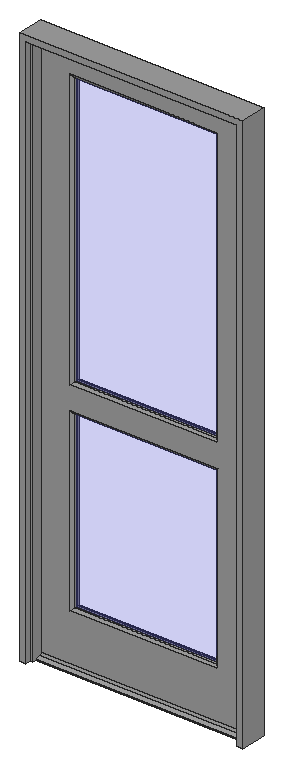
Revit family "WS-500 DOOR-VIP-0.25-CW_v04", category Curtain Panels, Revit 2015
Parameters
  Width [instance] = 3' - 2"
  VIP2 Panic Devices [instance] = not(VIP1 Panic Devices)  # yes
  URL = "obe.com"
  Rough Width [instance] = 3' - 0"
  Panel Width [instance] = [Min-Max Panel Width]  # 3' - 0"
  Panel Offset [instance] = 0' - 0"
  Offset [instance] = 0' - 0"
  Model = "WS-500 DOOR"
  Min-Max Rough Width [instance] = if(and((Rough Width > 3' 1 255/256"), (Rough Width < 3' 8 1/256")), Rough Width, 3' 2")  # 3' - 2"
  Min-Max Panel Width [instance] = if(and((Rough Width > 3' 1 255/256"), (Rough Width < 3' 8 1/256")), Rough Width - 0' 2", 3' 0")  # 3' - 0"
  Manufacturer = "Oldcastle BuildingEnvelope®"
  Keynote = "08 11 00"
  Hinge [instance] = yes
  Height [instance] = 8' - 0"
  Pushbar Height [instance] = 3' - 5 1/4"  # constant formula
  Glass Material = Glass
  Frame Material = Aluminum
  Door Panel Height [instance] = Height - 0' 0 5/8"  # 7' - 11 3/8"
  Description = "WS-500 - 0.25\" Door Infill"
  Assembly Code = "B2030"
  Analytic Construction = "<None>"
  VIP1 Panic Devices [instance] = no
  10 Bottom Rail [instance] = not([8 Bottom Rail])  # no
  8 Bottom Rail [instance] = yes
Reference planes (in)
  plane 1 "Front": y = 0
  plane 2: z = 0
  plane 3 "Center (Left/Right)": x = 0
  plane 4 "Left": x = -19
  plane 5 "Right": x = 19
  plane 6 "Top": z = 96
  plane 7 "Offset": y = 0
  plane 8: y = -1.28244
  plane 9: y = -1.28244
  plane 10: x = -19
  plane 11: x = 19
Forms (in)
  Sweep 1, solid, material "Aluminum" <- "Frame Material"
    path origin (0, 0, 0) x (-1, 0, 0) y (0, 0, 1)
      loop
        line (19, 0) -> (19, 96)
    profile origin (-19, 0, 48) x (1, 0, 0) y (0, 1, 0)
      loop
        line (1, -1.97) -> (1, 0) -> (0, 0) -> (0, -4.5) -> (1, -4.5) -> (1, -3.595) -> (1.5, -3.595) -> (1.5, -1.97) -> (1, -1.97)
  Sweep 2, solid, material "Aluminum" <- "Frame Material"
    path origin (0, 0, 0) x (-1, 0, 0) y (0, 0, 1)
      loop
        line (-19, 0) -> (-19, 96)
    profile origin (19, 0, 48) x (1, 0, 0) y (0, 1, 0)
      loop
        line (-1, -1.97) -> (-1.5, -1.97) -> (-1.5, -3.595) -> (-1, -3.595) -> (-1, -4.5) -> (0, -4.5) -> (0, 0) -> (-1, 0) -> (-1, -1.97)
  Extrusion 3, solid, material "Aluminum" <- "Frame Material"
    sketch origin (-19, 0, 0) x (0, -1, 0) y (0, 0, 1)
      loop
        line (1.97, 94.5) -> (3.595, 94.5) -> (3.595, 95) -> (4.5, 95) -> (4.5, 96) -> (0, 96) -> (0, 95) -> (1.97, 95) -> (1.97, 94.5)
    from -38 to 0
Cuts and joins
  joined: Sweep 1, Sweep 2, Extrusion 3
Text (in)
  text "Exterior" at (-54.29358, 31.38743, 0), in view "Ref. Level"
  text "Exterior" at (480, 41.53993, 89.60405), in view "Right"
  text "Exterior" at (-240, 57.82419, 105.78864), in view "Left"
Dimensions and locks (in)
  equal spacing: plane 4 "Left", plane 3 "Center (Left/Right)", plane 5 "Right"
  "Width": plane 4 "Left" to plane 5 "Right"
  "Height": plane 6 "Top" to plane 2
  "Offset": plane 1 "Front" to plane 7 "Offset"
  locked: plane 7 "Offset" to plane 8 at 1.28244
  locked: plane 7 "Offset" to plane 9 at 1.28244
  locked: plane 7 "Offset" to nested 3 at 1.28244
  Extrusion 3 sketch curve to Extrusion 3 sketch curve to Extrusion 3 sketch curve = 0' - 0 1/2" locked, 0' - 0" locked
  Extrusion 3 sketch curve to Extrusion 3 sketch curve to Extrusion 3 sketch curve to Extrusion 3 sketch curve = 0' - 1.97" locked, 0' - 1 5/8" locked, 0' - 0.905" locked
  locked: Extrusion 3 sketch curve to Extrusion 3 sketch curve at 1
  equal spacing: plane 10, plane 3 "Center (Left/Right)", plane 11
  "Min-Max Rough Width": plane 10 to plane 11
  aligned and locked: level to plane 2
  aligned and locked: nested 1 to plane 8
  aligned and locked: nested 2 to plane 9
  aligned and locked: plane 6 "Top" to Sweep 1 sketch curve
  aligned and locked: level to Sweep 1 sketch curve
  aligned and locked: plane 6 "Top" to Sweep 2 sketch curve
  aligned and locked: level to Sweep 2 sketch curve
  aligned and locked: plane 6 "Top" to nested 3
  aligned and locked: Extrusion 3 to plane 6 "Top"
  aligned and locked: Extrusion 3 sketch curve to plane 6 "Top"
  aligned and locked: plane 3 "Center (Left/Right)" to nested 4
  aligned and locked: nested 4 to plane 7 "Offset"
  aligned and locked: plane 11 to nested 1
  aligned and locked: nested 2 to plane 10
  aligned and locked: Sweep 1 sketch curve to plane 10
  aligned and locked: plane 11 to Sweep 2 sketch curve
  aligned and locked: cut or joined group of Sweep 1, Sweep 2, Extrusion 3 to plane 11
  aligned and locked: cut or joined group of Sweep 1, Sweep 2, Extrusion 3 to plane 10
Automatic sketch dimensions
  Sweep 1 sketch curve to profile plane = 0' - 0"
  Sweep 1 sketch curve to plane 7 "Offset" = 0' - 0"
  Sweep 1 sketch curve to profile plane = 0' - 1"  (x2)
  Sweep 1 sketch curve to Sweep 1 sketch curve = 0' - 0 1/2"
  Sweep 1 sketch curve to plane 7 "Offset" = 0' - 1.97"
  Sweep 1 sketch curve to Sweep 1 sketch curve = 0' - 1 5/8"
  Sweep 1 sketch curve to Sweep 1 sketch curve = 0' - 0.905"
  Sweep 2 sketch curve to plane 7 "Offset" = 0' - 0"
  Sweep 2 sketch curve to profile plane = 0' - 0"
  profile plane to Sweep 2 sketch curve = 0' - 1"  (x2)
  Sweep 2 sketch curve to Sweep 2 sketch curve = 0' - 0 1/2"
  Sweep 2 sketch curve to plane 7 "Offset" = 0' - 1.97"
  Sweep 2 sketch curve to Sweep 2 sketch curve = 0' - 1 5/8"
  Sweep 2 sketch curve to Sweep 2 sketch curve = 0' - 0.905"
  Extrusion 3 sketch curve to plane 7 "Offset" = 0' - 0"
Nested families (in)
  nested 1: "2.5x6-RTCIG CW-H8533-DHD-OHD SC-DI" at (19, -1.28244, 0) x (0, -1, 0) z (0, 0, 1), type "2.5x6-RTCIG CW-H8533-DHD-OHD SC-DI"
  nested 2: "2.5x6-RTCIG CW-H8533-DHD-OHD SC-DI" at (-19, -1.28244, 0) x (0, -1, 0) z (0, 0, 1), type "2.5x6-RTCIG CW-H8533-DHD-OHD SC-DI"
  nested 3: "2.5x6-RTCIG CW-H8533-DHD-OHD SC-DI" at (-33, -1.28244, 96) x (0, -1, 0) z (-1, 0, 0), type "2.5x6-RTCIG CW-H8533-DHD-OHD SC-DI"
  nested 4: "WS-500 DOOR-VIP-0.25-Panel_v03" at (0, 6, 0), Height <- "Door Panel Height", Hinge <- "Hinge", Frame Material <- "Frame Material", Glass Material <- "Glass Material", Width <- "Min-Max Panel Width", VIP1 Panic Devices <- "VIP1 Panic Devices", 8 Bottom Rail <- "8 Bottom Rail", Offset <- "Panel Offset", type "WS-500 DOOR-VIP-0.25-Panel_v03"
    with built-in parameter 1001301 3' - 0", VIP1 Panic Devices no, Pushbar Height 3' - 5 1/4", Offset 0' - 0", Hinge yes, built-in parameter 1001300 7' - 11 3/8", Glass at Muntin 0' - 4 9/16", Glass Material Glass, Frame Material Aluminum, Bottom Rail 0' - 8 31/32", 8 Bottom Rail yes
Definition of nested family "WS-500 DOOR-VIP-0.25-Panel_v03"
  Parameters (values of type "WS-500 DOOR-VIP-0.25-Panel_v03")
    Width [instance] = 3' - 6"
    VIP1 Panic Devices [instance] = no
    Offset [instance] = 0' - 0"
    Hinge [instance] = yes
    Height [instance] = 8' - 0"
    Glass at Muntin [instance] = if(VIP1 Panic Devices, 0' 8 9/16", 0' 4 9/16")  # 0' - 4 9/16"
    Pushbar Height [instance] = 3' - 5 1/4"  # constant formula
    Glass Material [instance] = none
    Frame Material [instance] = none
    Bottom Rail [instance] = if([8 Bottom Rail], 0' 8 31/32", 0' 10 31/32")  # 0' - 8 31/32"
    8 Bottom Rail [instance] = yes
  Reference planes (in)
    plane 1 "00": y = -6.9088
    plane 2: z = 0
    plane 3 "Center (Left/Right)": x = 0
    plane 4: z = 96
    plane 5: x = -21
    plane 6: x = 21
    plane 7 "Center (Front/Back)": y = -6
    plane 8: z = 48
    plane 9: z = 91.09375
    plane 10: z = 43.53125
    plane 11: z = 38.96875
    plane 12: z = 8.96875
    plane 13 "Exterior": y = -6.7838
    plane 14 "Offset": y = -6
    plane 15: z = 41.25
  Forms (in)
    Sweep 1, solid, material <- "Frame Material"
      path origin (0, -6.9088, 0) x (1, 0, 0) y (0, 0, 1)
        loop
          line (-20.56475, 96) -> (20.56475, 96)
      profile origin (0, -6.9088, 96) x (0, 0, 1) y (0, -1, 0)
        loop
          line (-0.5, -0.875) -> (-0.5, 0.875) -> (-4.62093, 0.875) -> (-5.125, 0.45204) -> (-5.125, 0.125) -> (-4.90625, 0.125) -> (-4.90625, -0.125) -> (-5.125, -0.125) -> (-5.125, -0.45204) -> (-4.62093, -0.875) -> (-0.5, -0.875)
    Sweep 2, solid, material <- "Frame Material"
      path origin (0, -6.9088, 0) x (1, 0, 0) y (0, 0, 1)
        loop
          line (20.56475, 0) -> (-20.56475, 0)
      profile origin (0, -6.9088, 0) x (0, 0, -1) y (0, -1, 0)
        loop
          line (-8.68343, -0.875) -> (-0.6875, -0.875) -> (-0.6875, 0.875) -> (-8.68343, 0.875) -> (-9.1875, 0.45204) -> (-9.1875, 0.125) -> (-8.96875, 0.125) -> (-8.96875, -0.125) -> (-9.1875, -0.125) -> (-9.1875, -0.45204) -> (-8.68343, -0.875)
        loop
          line (-0.5, -1.1555) -> (-0.19364, -1.8125) -> (0, -1.8125) -> (0, 2.1875) -> (-0.19364, 2.1875) -> (-0.5, 1.5305) -> (-0.5, -1.1555)
    Sweep 3, solid, material <- "Frame Material"
      path origin (0, -6.9088, 0) x (1, 0, 0) y (0, 0, 1)
        loop
          line (21, 95.5) -> (21, 0.6875)
      profile origin (21, -6.9088, 48.09375) x (0, -1, 0) y (1, 0, 0)
        loop
          line (-0.875, -0.32625) -> (-0.875, -5.32218) -> (-0.45204, -5.82625) -> (-0.125, -5.82625) -> (-0.125, -5.6075) -> (0.125, -5.6075) -> (0.125, -5.82625) -> (0.45204, -5.82625) -> (0.875, -5.32218) -> (0.875, -0.43525) -> (-0.875, -0.32625)
    Sweep 4, solid, material <- "Frame Material"
      path origin (0, -6.9088, 0) x (1, 0, 0) y (0, 0, 1)
        loop
          line (-21, 95.5) -> (-21, 0.6875)
      profile origin (-21, -6.9088, 48.09375) x (0, -1, 0) y (1, 0, 0)
        loop
          line (-0.875, 0.32625) -> (0.875, 0.43525) -> (0.875, 5.32218) -> (0.45204, 5.82625) -> (0.125, 5.82625) -> (0.125, 5.6075) -> (-0.125, 5.6075) -> (-0.125, 5.82625) -> (-0.45204, 5.82625) -> (-0.875, 5.32218) -> (-0.875, 0.32625)
    Sweep 5, solid, material <- "Frame Material"
      path origin (0, -6.9088, 0) x (1, 0, 0) y (0, 0, 1)
        loop
          line (15.67782, 48) -> (-15.67782, 48)
      profile origin (0, -6.9088, 48) x (0, 0, -1) y (0, -1, 0)
        loop
          line (4.25, 0.45204) -> (4.25, 0.125) -> (4.46875, 0.125) -> (4.46875, -0.125) -> (4.25, -0.125) -> (4.25, -0.45204) -> (4.75407, -0.875) -> (8.74593, -0.875) -> (9.25, -0.45204) -> (9.25, -0.125) -> (9.03125, -0.125) -> (9.03125, 0.125) -> (9.25, 0.125) -> (9.25, 0.45204) -> (8.74593, 0.875) -> (4.75407, 0.875) -> (4.25, 0.45204)
    Extrusion 6, solid, material <- "Glass Material"
      sketch origin (0, 0, 0) x (1, 0, 0) y (0, 1, 0)
        loop
          line (-15.3925, -6.7838) -> (-15.3925, -7.0338) -> (15.3925, -7.0338) -> (15.3925, -6.7838) -> (-15.3925, -6.7838)
      from 8.96875 to 38.96875
    Extrusion 7, solid, material <- "Glass Material"
      sketch origin (0, 0, 44.125) x (1, 0, 0) y (0, 1, 0)
        loop
          line (-15.3925, -6.7838) -> (-15.3925, -7.0338) -> (15.3925, -7.0338) -> (15.3925, -6.7838) -> (-15.3925, -6.7838)
      from -0.59375 to 46.96875
  Cuts and joins
    joined: Sweep 1, Sweep 2, Sweep 3, Sweep 4, Sweep 5
  Lines and regions (in)
    model lines
      curve 1: line (15.3925, -6.7838, 91.09375) -> (-15.17448, -6.7838, 48)
      curve 2: line (-15.17448, -6.7838, 48) -> (13.13771, -6.7838, 8.96875)
  Dimensions and locks (in)
    "Height": plane 4 to level
    equal spacing: plane 5, plane 3 "Center (Left/Right)", plane 6
    equal spacing: level, plane 8, plane 4
    locked: Sweep 3 sketch curve to plane 4 at 0.5
    locked: Sweep 4 sketch curve to plane 4 at 0.5
    Sweep 2 sketch curve to Sweep 2 sketch curve to Sweep 2 sketch curve to Sweep 2 sketch curve to Sweep 2 sketch curve = 0' - 0" locked, 0' - 0 7/32" locked, 0' - 0.28532" locked, 0' - 0" locked
    locked: plane 4 to plane 9 at 4.90625
    "Glass at Muntin": plane 10 to plane 11
    "Bottom Rail": plane 12 to plane 2
    Extrusion 6 sketch curve to plane 1 "00" to Extrusion 6 sketch curve = 0' - 0 1/8" locked, 0' - 0 1/8" locked
    Extrusion 7 sketch curve to plane 1 "00" to Extrusion 7 sketch curve = 0' - 0 1/8" locked, 0' - 0 1/8" locked
    "Width": plane 5 to plane 6
    plane 1 "00" to plane 13 "Exterior" to plane 14 "Offset" = 0' - 0 1/8" locked, 0' - 0.7838" locked
    locked: Sweep 1 sketch curve to plane 5 at 0.43525
    locked: plane 6 to Sweep 1 sketch curve at 0.43525
    locked: Sweep 2 sketch curve to plane 5 at 0.43525
    locked: plane 6 to Sweep 2 sketch curve at 0.43525
    "Offset": plane 14 "Offset" to plane 7 "Center (Front/Back)"
    equal spacing: plane 10, plane 15, plane 11
    "Pushbar Height": plane 15 to plane 2
    Sweep 5 sketch curve to plane 10 to Sweep 5 sketch curve = 0' - 0 7/32" locked, 0' - 0.28532" locked  (x2)
    Sweep 5 sketch curve to plane 11 to Sweep 5 sketch curve = 0' - 0.28532" locked, 0' - 0 7/32" locked  (x2)
    locked: Sweep 4 sketch curve to plane 2 at 0.6875
    locked: Sweep 3 sketch curve to plane 2 at 0.6875
    aligned and locked: plane 2 to level
    aligned and locked: plane 1 "00" to nested 1
    aligned and locked: plane 3 "Center (Left/Right)" to nested 1
    aligned and locked: Sweep 1 sketch curve to plane 4
    aligned and locked: Sweep 2 sketch curve to level
    aligned and locked: Sweep 5 sketch curve to plane 8
    aligned and locked: level to nested 2
    aligned and locked: nested 2 to plane 1 "00"
    aligned and locked: Extrusion 6 sketch curve to cut or joined group of Sweep 1, Sweep 2, Sweep 3, Sweep 4, Sweep 5  (x2)
    aligned and locked: plane 12 to Extrusion 6
    aligned and locked: Extrusion 7 to plane 9
    aligned and locked: plane 12 to Sweep 2 sketch curve
    aligned and locked: curve 1 to cut or joined group of Sweep 1, Sweep 2, Sweep 3, Sweep 4, Sweep 5
    aligned and locked: Sweep 3 sketch curve to plane 6
    aligned and locked: Sweep 4 sketch curve to plane 5
    aligned and locked: Extrusion 6 to Extrusion 7
    aligned and locked: Extrusion 7 to Extrusion 6
    aligned and locked: plane 8 to curve 1
    aligned and locked: plane 11 to Sweep 5 sketch curve
    aligned and locked: plane 10 to Sweep 5 sketch curve
    aligned and locked: Extrusion 7 to plane 10
    aligned and locked: plane 11 to Extrusion 6
  Automatic sketch dimensions
    plane 1 "00" to Sweep 1 sketch curve = 0' - 0 1/8"
    profile plane to Sweep 1 sketch curve = 0' - 5 1/8"
    Sweep 1 sketch curve to plane 1 "00" = 0' - 0.45204"
    Sweep 1 sketch curve to Sweep 1 sketch curve = 0' - 0"
    Sweep 1 sketch curve to Sweep 1 sketch curve = 0' - 0 7/32"
    plane 1 "00" to Sweep 1 sketch curve = 0' - 0 7/8"
    Sweep 1 sketch curve to Sweep 1 sketch curve = 0' - 0.50407"  (x2)
    profile plane to Sweep 1 sketch curve = 0' - 0 1/2"
    Sweep 1 sketch curve to plane 1 "00" = 0' - 0 7/8"
    Sweep 1 sketch curve to plane 1 "00" = 0' - 0 1/8"
    Sweep 1 sketch curve to Sweep 1 sketch curve = 0' - 0.32704"
    Sweep 3 sketch curve to plane 1 "00" = 0' - 0.45204"
    Sweep 3 sketch curve to plane 1 "00" = 0' - 0 1/8"
    plane 1 "00" to Sweep 3 sketch curve = 0' - 0 1/8"
    Sweep 3 sketch curve to Sweep 3 sketch curve = 0' - 0.32704"
    Sweep 3 sketch curve to Sweep 3 sketch curve = 0' - 0.42296"  (x2)
    profile plane to Sweep 3 sketch curve = 0' - 5.82625"
    Sweep 3 sketch curve to Sweep 3 sketch curve = 0' - 0"
    Sweep 3 sketch curve to Sweep 3 sketch curve = 0' - 0 7/32"
    Sweep 3 sketch curve to Sweep 3 sketch curve = 0' - 0.50407"  (x2)
    Sweep 4 sketch curve to plane 1 "00" = 0' - 0 7/8"
    Sweep 4 sketch curve to plane 1 "00" = 0' - 0.45204"
    Sweep 4 sketch curve to plane 1 "00" = 0' - 0 1/8"
    plane 1 "00" to Sweep 4 sketch curve = 0' - 0 1/8"
    Sweep 4 sketch curve to Sweep 4 sketch curve = 0' - 0.32704"
    Sweep 4 sketch curve to Sweep 4 sketch curve = 0' - 0.42296"
    Sweep 4 sketch curve to profile plane = 0' - 0.43525"
    Sweep 4 sketch curve to Sweep 4 sketch curve = 0' - 4.88693"
    Sweep 4 sketch curve to Sweep 4 sketch curve = 0' - 0"
    Sweep 4 sketch curve to Sweep 4 sketch curve = 0' - 0.28532"
    Sweep 4 sketch curve to Sweep 4 sketch curve = 0' - 0 7/32"  (x2)
    Sweep 2 sketch curve to profile plane = 0' - 0"
    profile plane to Sweep 2 sketch curve = 0' - 0.19364"  (x2)
    Sweep 2 sketch curve to plane 1 "00" = 0' - 1 13/16"
    Sweep 2 sketch curve to Sweep 2 sketch curve = 0' - 0.657"  (x2)
    Sweep 2 sketch curve to Sweep 2 sketch curve = 0' - 0.2805"
    Sweep 2 sketch curve to plane 1 "00" = 0' - 0.45204"
    Sweep 2 sketch curve to plane 1 "00" = 0' - 0 1/8"
    plane 1 "00" to Sweep 2 sketch curve = 0' - 0 1/8"
    Sweep 2 sketch curve to Sweep 2 sketch curve = 0' - 0.32704"
    Sweep 2 sketch curve to Sweep 2 sketch curve = 0' - 0.42296"
    Sweep 2 sketch curve to Sweep 2 sketch curve = 0' - 0.6555"
    Extrusion 7 sketch curve to plane 6 = 0' - 5.6075"
    plane 5 to Extrusion 7 sketch curve = 0' - 5.6075"
    profile plane to Sweep 3 sketch curve = 0' - 0.43525"
    profile plane to Sweep 3 sketch curve = 0' - 0.32625"
    Sweep 4 sketch curve to profile plane = 0' - 0.32625"
    plane 5 to Sweep 5 sketch curve = 0' - 5.32218"
    Sweep 5 sketch curve to plane 6 = 0' - 5.32218"
    curve 2 to plane 12 = 0' - 0"
    curve 1 to plane 9 = 0' - 0"
    curve 2 to plane 6 = 0' - 7.86229"
    plane 5 to curve 2 = 0' - 5.82552"
    plane 1 "00" to Sweep 5 sketch curve = 0' - 0 7/8"
    Sweep 5 sketch curve to plane 1 "00" = 0' - 0 7/8"
    Sweep 5 sketch curve to plane 1 "00" = 0' - 0.45204"  (x2)
    Sweep 5 sketch curve to plane 1 "00" = 0' - 0 1/8"  (x2)
    plane 1 "00" to Sweep 5 sketch curve = 0' - 0 1/8"  (x2)
    Sweep 5 sketch curve to Sweep 5 sketch curve = 0' - 0.32704"  (x2)
    Sweep 2 sketch curve to Sweep 2 sketch curve = 0' - 0 3/16"
    profile plane to Sweep 2 sketch curve = 0' - 0 1/2"
  Nested families (in)
    nested 1: "WS-500 DOOR-VIP-0.25-Plan View" at (0, -6.9088, 0), Width <- "Width", Hinge <- "Hinge", type "WS-500 DOOR-VIP-0.25-Plan View"
      with Width 3' - 6", Hinge yes
    nested 2: "WS-500 DOOR-VIP-0.25-Section_v02" at (0, -6.9088, 0) x (0, -1, 0) z (1, 0, 0), VIP1 Panic Devices <- "VIP1 Panic Devices", 8 Bottom Rail <- "8 Bottom Rail", Height <- "Height", type "WS-500 DOOR-VIP-0.25-Section_v02"
      with VIP2 Panic Devices yes, VIP1 Panic Devices no, Pushbar Height 3' - 5 1/4", Height 8' - 0", Glass at Muntins 0' - 4 9/16", Bottom Rail 0' - 8 31/32", 8 Bottom Rail yes, 10 Bottom Rail no
  Definition of nested family "WS-500 DOOR-VIP-0.25-Plan View"
    Parameters (values of type "WS-500 DOOR-VIP-0.25-Plan View")
      Width [instance] = 3' - 0"
      Hinge [instance] = yes
    Reference planes (in)
      plane 1 "Center (Front/Back)": y = 0
      plane 2: z = 0
      plane 3 "Center (Left/Right)": x = 0
      plane 4: x = -18
      plane 5: x = 18
      plane 6: x = 16.68437
      plane 7: y = 36
    Lines and regions (in)
      detail lines, in view "Ref. Level", not visible
        curve 1: line (-12.42393, 0.125, 0) -> (12.3925, 0.125, 0)
        curve 2: line (-12.3925, -0.125, 0) -> (12.3925, -0.125, 0)
      detail lines, in view "Ref. Level"
        curve 3: line (16.55937, 6.7325, 0) -> (16.55937, 30.3925, 0)
        curve 7: line (16.80937, 6.7325, 0) -> (16.80937, 30.3925, 0)
        curve 8: arc (-17.67375, 0.875, 0) -> (-7.07867, 25.38587, 0) -> (17.55937, 35.68176, 0) r 35.68448
      detail lines, in view "Ref. Level", detail levels fine
        curve 4: line (16.62187, 6.7325, 0) -> (16.62187, 30.3925, 0)
        curve 5: line (16.68437, 6.7325, 0) -> (16.68437, 30.3925, 0)
        curve 6: line (16.74687, 6.7325, 0) -> (16.74687, 30.3925, 0)
    Dimensions and locks (in)
      "Width": plane 4 to plane 5
      equal spacing: plane 4, plane 3 "Center (Left/Right)", plane 5
      "Width": plane 7 to plane 1 "Center (Front/Back)"
      locked: nested 3 to plane 1 "Center (Front/Back)" at 1.125
      locked: nested 2 to plane 7 at 2.25
      locked: plane 5 to nested 1 at 2.25
      locked: nested 5 to plane 4 at 2.25
      locked: plane 6 to plane 5 at 1.31563
      aligned and locked: nested 1 to plane 1 "Center (Front/Back)"
      aligned and locked: nested 2 to plane 6
      aligned and locked: plane 6 to nested 3
      aligned and locked: nested 3 to curve 7
      aligned and locked: nested 3 to curve 6
      aligned and locked: nested 3 to curve 5
      aligned and locked: nested 3 to curve 4
      aligned and locked: curve 3 to nested 3
      aligned and locked: nested 2 to curve 7
      aligned and locked: nested 2 to curve 6
      aligned and locked: nested 2 to curve 5
      aligned and locked: nested 2 to curve 4
      aligned and locked: curve 3 to nested 2  (x2)
      aligned and locked: plane 1 "Center (Front/Back)" to nested 4
      aligned and locked: nested 5 to plane 1 "Center (Front/Back)"
      aligned and locked: nested 1 to plane 5
      aligned and locked: nested 1 to nested 4
      aligned and locked: curve 4 to nested 2
      aligned and locked: curve 5 to nested 2
      aligned and locked: curve 6 to nested 2
      aligned and locked: curve 7 to nested 2
      aligned and locked: curve 8 to nested 5
      aligned and locked: curve 8 to nested 2
      aligned and locked: curve 1 to nested 5
      aligned and locked: curve 2 to nested 5
    Automatic sketch dimensions
      plane 1 "Center (Front/Back)" to curve 8 = 0' - 0"
      curve 8 to plane 5 = 0' - 0"
      plane 6 to curve 2 = 0' - 4.29186"
      curve 1 to curve 2 = 0' - 0"
      plane 4 to curve 2 = 0' - 5.6075"
      curve 1 to curve 2 = 0' - 0.03142"
      plane 4 to curve 8 = 0' - 0.32625"
    Nested families (in)
      nested 1: "HINGE-DI" at (20.25, 0, 0) x (-1, 0, 0) z (0, 0, 1), visible <- "Hinge", type "HINGE-DI", in view "Ref. Level"
      nested 2: "HINGE STILE - HINGE DOOR-DI" at (16.68437, 38.25, 0) x (0, 1, 0) z (0, 0, 1), type "HINGE-HD-DI", in view "Ref. Level"
      nested 3: "HINGE STILE - HINGE DOOR-DI" at (16.68437, -1.125, 0) x (0, -1, 0) z (0, 0, 1), type "HINGE-HD-DI", in view "Ref. Level"
      nested 4: "HINGE STILE - HINGE DOOR-DI" at (20.25, 0, 0), type "HINGE-HD-DI", in view "Ref. Level", not visible
      nested 5: "HINGE STILE - HINGE DOOR-DI" at (-20.25, 0, 0) x (-1, 0, 0) z (0, 0, 1), type "HINGE-HD-DI", in view "Ref. Level", not visible
    Definition of nested family "HINGE-DI"
      Reference planes (in)
        plane 1 "Center (Front/Back)": y = 0
        plane 2: z = 0
        plane 3 "Center (Left/Right)": x = 0
    Definition of nested family "HINGE STILE - HINGE DOOR-DI"
      Reference planes (in)
        plane 1 "Center (Front/Back)": y = 0
        plane 2: z = 0
        plane 3 "Center (Left/Right)": x = 0
      Lines and regions (in)
        detail lines, in view "Ref. Level"
          curve 1: line (-2.68525, 0.875, 0) -> (-7.57218, 0.875, 0)
          curve 2: line (-7.57218, 0.875, 0) -> (-8.07625, 0.45204, 0)
          curve 3: line (-8.07625, 0.45204, 0) -> (-8.07625, 0.125, 0)
          curve 4: line (-8.07625, 0.125, 0) -> (-7.8575, 0.125, 0)
          curve 5: line (-7.8575, 0.125, 0) -> (-7.8575, -0.125, 0)
          curve 6: line (-7.8575, -0.125, 0) -> (-8.07625, -0.125, 0)
          curve 7: line (-8.07625, -0.125, 0) -> (-8.07625, -0.45204, 0)
          curve 8: line (-8.07625, -0.45204, 0) -> (-7.57218, -0.875, 0)
          curve 9: line (-7.57218, -0.875, 0) -> (-2.57625, -0.875, 0)
          curve 10: line (-2.57625, -0.875, 0) -> (-2.68525, 0.875, 0)
  Definition of nested family "WS-500 DOOR-VIP-0.25-Section_v02"
    Parameters (values of type "WS-500 DOOR-VIP-0.25-Section_v02")
      VIP2 Panic Devices [instance] = not(VIP1 Panic Devices)  # no
      VIP1 Panic Devices [instance] = yes
      Height [instance] = 8' - 0"
      Pushbar Height [instance] = 3' - 5 1/4"  # constant formula
      Glass at Muntins [instance] = if(VIP2 Panic Devices, 0' 4 9/16", 0' 8 9/16")  # 0' - 8 9/16"
      Bottom Rail [instance] = if([10 Bottom Rail], 0' 10 31/32", 0' 8 31/32")  # 0' - 8 31/32"
      10 Bottom Rail [instance] = not([8 Bottom Rail])  # no
      8 Bottom Rail [instance] = yes
    Reference planes (in)
      plane 1 "Center (Front/Back)": y = 0
      plane 2: z = 0
      plane 3 "Center (Left/Right)": x = 0
      plane 4: y = 8.96875
      plane 5: y = 96
      plane 6: y = 45.53125
      plane 7: y = 36.96875
      plane 8: y = 45.75
      plane 9: y = 91.09375
      plane 10: y = 41.25
      plane 11: y = 43.75
    Lines and regions (in)
      detail lines, in view "Ref. Level"
        curve 1: line (-0.125, 91.09375, 0) -> (-0.125, 45.53125, 0)
        curve 5: line (0.125, 91.09375, 0) -> (0.125, 45.53125, 0)
        curve 6: line (0.125, 36.96875, 0) -> (0.125, 8.96875, 0)
        curve 10: line (-0.125, 36.96875, 0) -> (-0.125, 8.96875, 0)
      detail lines, in view "Ref. Level", detail levels fine
        curve 2: line (-0.0625, 91.09375, 0) -> (-0.0625, 45.53125, 0)
        curve 3: line (0, 91.09375, 0) -> (0, 45.53125, 0)
        curve 4: line (0.0625, 91.09375, 0) -> (0.0625, 45.53125, 0)
        curve 7: line (0.0625, 36.96875, 0) -> (0.0625, 8.96875, 0)
        curve 8: line (0, 36.96875, 0) -> (0, 8.96875, 0)
        curve 9: line (-0.0625, 36.96875, 0) -> (-0.0625, 8.96875, 0)
    Dimensions and locks (in)
      "Bottom Rail": plane 4 to plane 1 "Center (Front/Back)"
      "Glass at Muntins": plane 7 to plane 6
      nested 1 to plane 5 to plane 9 = 0' - 3" locked, 0' - 4 29/32" locked
      "Height": plane 5 to plane 1 "Center (Front/Back)"
      equal spacing: plane 7, plane 10, plane 6
      plane 10 to plane 11 to plane 8 = 0' - 2 1/2" locked, 0' - 2" locked
      "Pushbar Height": plane 1 "Center (Front/Back)" to plane 10
      aligned and locked: plane 3 "Center (Left/Right)" to nested 1
      aligned and locked: plane 4 to curve 10
      aligned and locked: plane 4 to curve 9
      aligned and locked: plane 4 to curve 6
      aligned and locked: plane 4 to curve 7
      aligned and locked: plane 4 to curve 8
      aligned and locked: plane 6 to curve 1
      aligned and locked: plane 6 to curve 2
      aligned and locked: plane 6 to curve 3
      aligned and locked: plane 6 to curve 4
      aligned and locked: plane 6 to curve 5
      aligned and locked: plane 7 to curve 6
      aligned and locked: plane 7 to curve 7
      aligned and locked: plane 7 to curve 8
      aligned and locked: plane 7 to curve 9
      aligned and locked: plane 7 to curve 10
      aligned and locked: plane 8 to nested 4
      aligned and locked: plane 3 "Center (Left/Right)" to nested 4
      aligned and locked: plane 3 "Center (Left/Right)" to nested 5
      aligned and locked: plane 9 to curve 5
      aligned and locked: plane 9 to curve 4
      aligned and locked: plane 9 to curve 3
      aligned and locked: plane 9 to curve 2
      aligned and locked: plane 9 to curve 1
      aligned and locked: plane 1 "Center (Front/Back)" to nested 3
      aligned and locked: plane 1 "Center (Front/Back)" to nested 2
      aligned and locked: plane 3 "Center (Left/Right)" to nested 3
      aligned and locked: plane 3 "Center (Left/Right)" to nested 2
      aligned and locked: plane 11 to nested 5
    Automatic sketch dimensions
      curve 8 to plane 3 "Center (Left/Right)" = 0' - 0"
      curve 3 to plane 3 "Center (Left/Right)" = 0' - 0"
      curve 2 to plane 3 "Center (Left/Right)" = 0' - 0 1/16"
      curve 9 to plane 3 "Center (Left/Right)" = 0' - 0 1/16"
      curve 10 to curve 9 = 0' - 0 1/16"
      curve 1 to curve 2 = 0' - 0 1/16"
      plane 3 "Center (Left/Right)" to curve 7 = 0' - 0 1/16"
      plane 3 "Center (Left/Right)" to curve 4 = 0' - 0 1/16"
      curve 4 to curve 5 = 0' - 0 1/16"
      curve 7 to curve 6 = 0' - 0 1/16"
    Nested families (in)
      nested 1: "TOP RAIL HD-DI" at (0, 99, 0), type "TOP RAIL DH-DI", in view "Ref. Level"
      nested 2: "8 BOT RAIL-DI" at (0, 9.1875, 0), visible <- "8 Bottom Rail", type "8 BOT RAIL-DI", in view "Ref. Level"
      nested 3: "10 BOT RAIL-DI" at (0, 11.1875, 0), visible <- "10 Bottom Rail", type "10 BOT RAIL-DI", in view "Ref. Level"
      nested 4: "Midrail For VIP 1 Panic Device-DI" at (0, 45.75, 0), visible <- "VIP1 Panic Devices", type "MIDRAIL-VIP1-DI", in view "Ref. Level"
      nested 5: "Midrail for VIP 2 Panic Device-DI" at (0, 43.75, 0), visible <- "VIP2 Panic Devices", type "MIDRAIL-VIP2-DI", in view "Ref. Level"
    Definition of nested family "TOP RAIL HD-DI"
      Reference planes (in)
        plane 1 "Center (Front/Back)": y = 0
        plane 2: z = 0
        plane 3 "Center (Left/Right)": x = 0
      Lines and regions (in)
        detail lines, in view "Ref. Level"
          curve 1: line (-0.875, -3.625, 0) -> (0.875, -3.625, 0)
          curve 2: line (0.875, -3.625, 0) -> (0.875, -7.62093, 0)
          curve 3: line (0.875, -7.62093, 0) -> (0.45204, -8.125, 0)
          curve 4: line (0.45204, -8.125, 0) -> (0.125, -8.125, 0)
          curve 5: line (0.125, -8.125, 0) -> (0.125, -7.90625, 0)
          curve 6: line (0.125, -7.90625, 0) -> (-0.125, -7.90625, 0)
          curve 7: line (-0.125, -7.90625, 0) -> (-0.125, -8.125, 0)
          curve 8: line (-0.125, -8.125, 0) -> (-0.45204, -8.125, 0)
          curve 9: line (-0.45204, -8.125, 0) -> (-0.875, -7.62093, 0)
          curve 10: line (-0.875, -7.62093, 0) -> (-0.875, -3.625, 0)
    Definition of nested family "8 BOT RAIL-DI"
      Reference planes (in)
        plane 1 "Center (Front/Back)": y = 0
        plane 2: z = 0
        plane 3 "Center (Left/Right)": x = 0
      Lines and regions (in)
        detail lines, in view "Ref. Level"
          curve 1: line (-0.45204, 0, 0) -> (-0.875, -0.50407, 0)
          curve 2: line (-0.875, -0.50407, 0) -> (-0.875, -8.5, 0)
          curve 3: line (-0.875, -8.5, 0) -> (0.875, -8.5, 0)
          curve 4: line (0.875, -8.5, 0) -> (0.875, -0.50407, 0)
          curve 5: line (0.875, -0.50407, 0) -> (0.45204, 0, 0)
          curve 6: line (0.45204, 0, 0) -> (0.125, 0, 0)
          curve 7: line (0.125, 0, 0) -> (0.125, -0.21875, 0)
          curve 8: line (0.125, -0.21875, 0) -> (-0.125, -0.21875, 0)
          curve 9: line (-0.125, -0.21875, 0) -> (-0.125, 0, 0)
          curve 10: line (-0.125, 0, 0) -> (-0.45204, 0, 0)
          curve 11: line (-1.8125, -8.99386, 0) -> (-1.1555, -8.6875, 0)
          curve 12: line (-1.1555, -8.6875, 0) -> (1.5305, -8.6875, 0)
          curve 13: line (1.5305, -8.6875, 0) -> (2.1875, -8.99386, 0)
          curve 14: line (2.1875, -8.99386, 0) -> (2.1875, -9.18749, 0)
          curve 15: line (2.1875, -9.18749, 0) -> (-1.8125, -9.18749, 0)
          curve 16: line (-1.8125, -9.18749, 0) -> (-1.8125, -8.99386, 0)
    Definition of nested family "10 BOT RAIL-DI"
      Reference planes (in)
        plane 1 "Center (Front/Back)": y = 0
        plane 2: z = 0
        plane 3 "Center (Left/Right)": x = 0
      Lines and regions (in)
        detail lines, in view "Ref. Level"
          curve 1: line (-0.875, -0.50407, 0) -> (-0.875, -10.5, 0)
          curve 2: line (-0.875, -10.5, 0) -> (0.875, -10.5, 0)
          curve 3: line (0.875, -10.5, 0) -> (0.875, -0.50407, 0)
          curve 4: line (0.875, -0.50407, 0) -> (0.45204, 0, 0)
          curve 5: line (0.45204, 0, 0) -> (0.125, 0, 0)
          curve 6: line (0.125, 0, 0) -> (0.125, -0.21875, 0)
          curve 7: line (0.125, -0.21875, 0) -> (-0.125, -0.21875, 0)
          curve 8: line (-0.125, -0.21875, 0) -> (-0.125, 0, 0)
          curve 9: line (-0.125, 0, 0) -> (-0.45204, 0, 0)
          curve 10: line (-0.45204, 0, 0) -> (-0.875, -0.50407, 0)
          curve 11: line (-1.8125, -10.99386, 0) -> (-1.1555, -10.6875, 0)
          curve 12: line (-1.1555, -10.6875, 0) -> (1.5305, -10.6875, 0)
          curve 13: line (1.5305, -10.6875, 0) -> (2.1875, -10.99386, 0)
          curve 14: line (2.1875, -10.99386, 0) -> (2.1875, -11.18749, 0)
          curve 15: line (2.1875, -11.18749, 0) -> (-1.8125, -11.18749, 0)
          curve 16: line (-1.8125, -11.18749, 0) -> (-1.8125, -10.99386, 0)
    Definition of nested family "Midrail For VIP 1 Panic Device-DI"
      Reference planes (in)
        plane 1 "Center (Front/Back)": y = 0
        plane 2: z = 0
        plane 3 "Center (Left/Right)": x = 0
      Lines and regions (in)
        detail lines, in view "Ref. Level"
          curve 1: line (-0.875, -0.50407, 0) -> (-0.875, -8.49593, 0)
          curve 2: line (-0.875, -8.49593, 0) -> (-0.45204, -9, 0)
          curve 3: line (-0.45204, -9, 0) -> (-0.125, -9, 0)
          curve 4: line (-0.125, -9, 0) -> (-0.125, -8.78125, 0)
          curve 5: line (-0.125, -8.78125, 0) -> (0.125, -8.78125, 0)
          curve 6: line (0.125, -8.78125, 0) -> (0.125, -9, 0)
          curve 7: line (0.125, -9, 0) -> (0.45204, -9, 0)
          curve 8: line (0.45204, -9, 0) -> (0.875, -8.49593, 0)
          curve 9: line (0.875, -8.49593, 0) -> (0.875, -0.50407, 0)
          curve 10: line (0.875, -0.50407, 0) -> (0.45204, 0, 0)
          curve 11: line (0.45204, 0, 0) -> (0.125, 0, 0)
          curve 12: line (0.125, 0, 0) -> (0.125, -0.21875, 0)
          curve 13: line (0.125, -0.21875, 0) -> (-0.125, -0.21875, 0)
          curve 14: line (-0.125, -0.21875, 0) -> (-0.125, 0, 0)
          curve 15: line (-0.125, 0, 0) -> (-0.45204, 0, 0)
          curve 16: line (-0.45204, 0, 0) -> (-0.875, -0.50407, 0)
    Definition of nested family "Midrail for VIP 2 Panic Device-DI"
      Reference planes (in)
        plane 1 "Center (Front/Back)": y = 0
        plane 2: z = 0
        plane 3 "Center (Left/Right)": x = 0
      Lines and regions (in)
        detail lines, in view "Ref. Level"
          curve 1: line (-0.875, -0.50407, 0) -> (-0.875, -4.49593, 0)
          curve 2: line (-0.875, -4.49593, 0) -> (-0.45204, -5, 0)
          curve 3: line (-0.45204, -5, 0) -> (-0.125, -5, 0)
          curve 4: line (-0.125, -5, 0) -> (-0.125, -4.78125, 0)
          curve 5: line (-0.125, -4.78125, 0) -> (0.125, -4.78125, 0)
          curve 6: line (0.125, -4.78125, 0) -> (0.125, -5, 0)
          curve 7: line (0.125, -5, 0) -> (0.45204, -5, 0)
          curve 8: line (0.45204, -5, 0) -> (0.875, -4.49593, 0)
          curve 9: line (0.875, -4.49593, 0) -> (0.875, -0.50407, 0)
          curve 10: line (0.875, -0.50407, 0) -> (0.45204, 0, 0)
          curve 11: line (0.45204, 0, 0) -> (0.125, 0, 0)
          curve 12: line (0.125, 0, 0) -> (0.125, -0.21875, 0)
          curve 13: line (0.125, -0.21875, 0) -> (-0.125, -0.21875, 0)
          curve 14: line (-0.125, -0.21875, 0) -> (-0.125, 0, 0)
          curve 15: line (-0.125, 0, 0) -> (-0.45204, 0, 0)
          curve 16: line (-0.45204, 0, 0) -> (-0.875, -0.50407, 0)
Definition of nested family "2.5x6-RTCIG CW-H8533-DHD-OHD SC-DI"
  Reference planes (in)
    plane 1 "Center (Front/Back)": y = 0
    plane 2: z = 0
    plane 3 "Center (Left/Right)": x = 0
  Lines and regions (in)
    Filled region 1, type "2.5x6.75-RC CW-SSA-SG-H1416-DHD-OHD SC-FINE-1", in view "Ref. Level", detail levels fine
      outline origin (0, 2.5, 0) x (1, 0, 0) y (0, 1, 0)
        loop
          line (-1.03244, -2.5) -> (-1.28244, -2.5)
          arc (-1.28244, -2.5) -> (-1.26095, -2.625) -> (-1.28244, -2.75) r 0.37439
          line (-1.28244, -2.75) -> (-1.03244, -2.75) -> (-1.03244, -2.5)
    Filled region 2, type "2.5x6.75-RC CW-SSA-SG-H1416-DHD-OHD SC-FINE-1", in view "Ref. Level", detail levels fine
      outline origin (0, 2.5, 0) x (1, 0, 0) y (0, 1, 0)
        loop
          line (2.96756, -2.5) -> (2.96756, -2.75) -> (3.21756, -2.75)
          arc (3.21756, -2.75) -> (3.19608, -2.625) -> (3.21756, -2.5) r 0.37439
          line (3.21756, -2.5) -> (2.96756, -2.5)
    Filled region 3, type "2.5x6.75-RC CW-SSA-SG-H1416-DHD-OHD SC-FINE-1", in view "Ref. Level", not visible, detail levels fine
      outline origin (0, 2.5, 0) x (1, 0, 0) y (0, 1, 0)
        loop
          line (-1.03244, -2.5) -> (-1.28244, -2.5)
          arc (-1.28244, -2.5) -> (-1.26095, -2.625) -> (-1.28244, -2.75) r 0.37439
          line (-1.28244, -2.75) -> (-1.03244, -2.75) -> (-1.03244, -2.5)
    Filled region 4, type "2.5x6.75-RC CW-SSA-SG-H1416-DHD-OHD SC-FINE-1", in view "Ref. Level", not visible, detail levels fine
      outline origin (0, 2.5, 0) x (1, 0, 0) y (0, 1, 0)
        loop
          line (2.96756, -2.5) -> (2.96756, -2.75) -> (3.21756, -2.75)
          arc (3.21756, -2.75) -> (3.19608, -2.625) -> (3.21756, -2.5) r 0.37439
          line (3.21756, -2.5) -> (2.96756, -2.5)
    detail lines, in view "Ref. Level", detail levels fine
      curve 1: arc (1.65506, -0.328, 0) -> (1.67791, -0.38315, 0) -> (1.73306, -0.406, 0) r 0.078
      curve 2: arc (0.20206, -0.406, 0) -> (0.25722, -0.38315, 0) -> (0.28006, -0.328, 0) r 0.078
      curve 3: arc (0.68756, -1.173, 0) -> (0.71506, -1.2005, 0) -> (0.74256, -1.173, 0) r 0.0275
      curve 4: arc (0.74256, -1.408, 0) -> (0.71506, -1.3805, 0) -> (0.68756, -1.408, 0) r 0.0275
      curve 5: arc (2.00056, -1, 0) -> (1.96239, -1.07442, 0) -> (2.04511, -1.062, 0) r 0.047
      curve 6: arc (0.95295, -1.053, 0) -> (1.03486, -1.07804, 0) -> (0.99956, -1, 0) r 0.047
      curve 7: line (1.73306, -0.406, 0) -> (1.98306, -0.406, 0)
      curve 8: line (1.98306, -0.406, 0) -> (1.98306, -0.375, 0)
      curve 9: line (1.98306, -0.375, 0) -> (3.09256, -0.375, 0)
      curve 10: line (3.09256, -0.375, 0) -> (3.09256, -0.875, 0)
      curve 11: line (3.09256, -0.875, 0) -> (-1.15744, -0.875, 0)
      curve 12: line (-1.15744, -0.875, 0) -> (-1.15744, -0.375, 0)
      curve 13: line (-1.15744, -0.375, 0) -> (-0.04794, -0.375, 0)
      curve 14: line (-0.04794, -0.375, 0) -> (-0.04794, -0.406, 0)
      curve 15: line (-0.04794, -0.406, 0) -> (0.20206, -0.406, 0)
      curve 16: line (0.28006, -0.328, 0) -> (0.03006, -0.328, 0)
      curve 17: line (0.03006, -0.328, 0) -> (0.03006, -0.25, 0)
      curve 18: line (0.03006, -0.25, 0) -> (-1.28244, -0.25, 0)
      curve 19: line (-1.28244, -0.25, 0) -> (-1.28244, -1, 0)
      curve 20: line (-1.28244, -1, 0) -> (3.21756, -1, 0)
      curve 21: line (3.21756, -1, 0) -> (3.21756, -0.25, 0)
      curve 22: line (3.21756, -0.25, 0) -> (1.90506, -0.25, 0)
      curve 23: line (1.90506, -0.25, 0) -> (1.90506, -0.328, 0)
      curve 24: line (1.90506, -0.328, 0) -> (1.65506, -0.328, 0)
      curve 25: line (0.74256, -1.173, 0) -> (0.74256, -1.143, 0)
      curve 26: line (0.74256, -1.143, 0) -> (0.79756, -1.143, 0)
      curve 27: line (0.79756, -1.143, 0) -> (0.79756, -1.438, 0)
      curve 28: line (0.79756, -1.438, 0) -> (0.74256, -1.438, 0)
      curve 29: line (0.74256, -1.438, 0) -> (0.74256, -1.408, 0)
      curve 30: line (0.68756, -1.408, 0) -> (0.68756, -1.5, 0)
      curve 31: line (0.68756, -1.5, 0) -> (2.31256, -1.5, 0)
      curve 32: line (2.31256, -1.5, 0) -> (2.31256, -1, 0)
      curve 33: line (2.31256, -1, 0) -> (2.00056, -1, 0)
      curve 34: line (2.04511, -1.062, 0) -> (2.25056, -1.062, 0)
      curve 35: line (2.25056, -1.062, 0) -> (2.25056, -1.438, 0)
      curve 36: line (2.25056, -1.438, 0) -> (0.85956, -1.438, 0)
      curve 37: line (0.85956, -1.438, 0) -> (0.85956, -1.053, 0)
      curve 38: line (0.85956, -1.053, 0) -> (0.95295, -1.053, 0)
      curve 39: line (0.99956, -1, 0) -> (0.79756, -1, 0)
      curve 40: line (0.79756, -1, 0) -> (0.79756, -1.081, 0)
      curve 41: line (0.79756, -1.081, 0) -> (0.74256, -1.081, 0)
      curve 42: line (0.74256, -1.081, 0) -> (0.74256, -1, 0)
      curve 43: line (0.74256, -1, 0) -> (0.68756, -1, 0)
      curve 44: line (0.68756, -1, 0) -> (0.68756, -1.173, 0)
      curve 45: line (-1.28244, 0, 0) -> (-1.28244, -1, 0)
      curve 46: line (-1.28244, -1, 0) -> (0.68756, -1, 0)
      curve 47: line (0.68756, -1, 0) -> (0.68756, -1.5, 0)
      curve 48: line (0.68756, -1.5, 0) -> (2.31256, -1.5, 0)
      curve 49: line (2.31256, -1.5, 0) -> (2.31256, -1, 0)
      curve 50: line (2.31256, -1, 0) -> (3.21756, -1, 0)
      curve 51: line (3.21756, -1, 0) -> (3.21756, 0, 0)
      curve 52: line (3.21756, 0, 0) -> (-1.28244, 0, 0)
      curve 53: arc (-1.28244, -0.25, 0) -> (-1.26095, -0.125, 0) -> (-1.28244, 0, 0) r 0.37439
      curve 54: arc (3.21756, 0, 0) -> (3.19608, -0.125, 0) -> (3.21756, -0.25, 0) r 0.37439
      curve 55: arc (1.95497, -1.14175, 0) -> (1.95619, -1.1362, 0) -> (1.95482, -1.13068, 0) r 0.0125
      curve 56: arc (1.98284, -1.14139, 0) -> (1.98406, -1.13584, 0) -> (1.9827, -1.13032, 0) r 0.0125
      curve 57: arc (1.01743, -1.13032, 0) -> (1.01607, -1.13584, 0) -> (1.01729, -1.14139, 0) r 0.0125
      curve 58: arc (1.0453, -1.13068, 0) -> (1.04394, -1.1362, 0) -> (1.04516, -1.14175, 0) r 0.0125
      curve 59: arc (1.10681, -1.025, 0) -> (1.10028, -1.02684, 0) -> (1.09567, -1.03182, 0) r 0.0125
      curve 60: arc (1.90446, -1.03183, 0) -> (1.89985, -1.02684, 0) -> (1.89332, -1.025, 0) r 0.0125
      curve 61: line (-1.03244, -0.25, 0) -> (-1.03244, 0, 0)
      curve 62: line (-1.03244, 0, 0) -> (2.96756, 0, 0)
      curve 63: line (2.96756, 0, 0) -> (2.96756, -0.25, 0)
      curve 64: line (2.96756, -0.25, 0) -> (-1.03244, -0.25, 0)
      curve 65: line (-1.03244, -0.25, 0) -> (2.96756, 0, 0)
      curve 66: line (-1.03244, 0, 0) -> (2.96756, -0.25, 0)
      curve 67: line (1.95497, -1.14175, 0) -> (1.89789, -1.26122, 0)
      curve 68: line (1.89789, -1.26122, 0) -> (1.92045, -1.272, 0)
      curve 69: line (1.92045, -1.272, 0) -> (1.98284, -1.14139, 0)
      curve 70: line (1.9827, -1.13032, 0) -> (1.92904, -1.025, 0)
      curve 71: line (1.92904, -1.025, 0) -> (1.95506, -1.025, 0)
      curve 72: line (1.95506, -1.025, 0) -> (1.95506, -1, 0)
      curve 73: line (1.95506, -1, 0) -> (1.04506, -1, 0)
      curve 74: line (1.04506, -1, 0) -> (1.04506, -1.025, 0)
      curve 75: line (1.04506, -1.025, 0) -> (1.07109, -1.025, 0)
      curve 76: line (1.07109, -1.025, 0) -> (1.01743, -1.13032, 0)
      curve 77: line (1.01729, -1.14139, 0) -> (1.07968, -1.272, 0)
      curve 78: line (1.07968, -1.272, 0) -> (1.10224, -1.26122, 0)
      curve 79: line (1.10224, -1.26122, 0) -> (1.04516, -1.14175, 0)
      curve 80: line (1.0453, -1.13068, 0) -> (1.09567, -1.03182, 0)
      curve 81: line (1.10681, -1.025, 0) -> (1.89332, -1.025, 0)
      curve 82: line (1.90446, -1.03183, 0) -> (1.95482, -1.13068, 0)
      curve 83: line (0.54796, -1.18033, 0) -> (0.56296, -1.18633, 0)
      curve 84: line (0.56296, -1.18633, 0) -> (0.57696, -1.19533, 0)
      curve 85: line (0.57696, -1.19533, 0) -> (0.60296, -1.19933, 0)
      curve 86: line (0.60296, -1.19933, 0) -> (0.62096, -1.20333, 0)
      curve 87: line (0.62096, -1.20333, 0) -> (0.65696, -1.20433, 0)
      curve 88: line (0.65696, -1.20433, 0) -> (0.67296, -1.20633, 0)
      curve 89: line (0.67296, -1.20633, 0) -> (0.69296, -1.20833, 0)
      curve 90: line (0.69296, -1.20833, 0) -> (0.69696, -1.21433, 0)
      curve 91: line (0.69696, -1.21433, 0) -> (0.70996, -1.20833, 0)
      curve 92: line (0.70996, -1.20833, 0) -> (0.69696, -1.21433, 0)
      curve 93: line (0.55396, -1.35233, 0) -> (0.58296, -1.35233, 0)
      curve 94: line (0.58296, -1.35233, 0) -> (0.60796, -1.35233, 0)
      curve 95: line (0.60796, -1.35233, 0) -> (0.62496, -1.35433, 0)
      curve 96: line (0.62496, -1.35433, 0) -> (0.65696, -1.35433, 0)
      curve 97: line (0.65696, -1.35433, 0) -> (0.67696, -1.35533, 0)
      curve 98: line (0.67696, -1.35533, 0) -> (0.70396, -1.36133, 0)
      curve 99: line (0.70396, -1.36133, 0) -> (0.67496, -1.36433, 0)
      curve 100: line (0.67496, -1.36433, 0) -> (0.68996, -1.37033, 0)
      curve 101: line (0.68996, -1.37033, 0) -> (0.67296, -1.36633, 0)
      curve 102: line (0.67296, -1.36633, 0) -> (0.65096, -1.36833, 0)
      curve 103: line (0.65096, -1.36833, 0) -> (0.58796, -1.37733, 0)
      curve 104: line (0.58796, -1.37733, 0) -> (0.60596, -1.37733, 0)
      curve 105: line (0.60596, -1.37733, 0) -> (0.61696, -1.37533, 0)
      curve 106: line (0.61696, -1.37533, 0) -> (0.63196, -1.37433, 0)
      curve 107: line (0.63196, -1.37433, 0) -> (0.65896, -1.37233, 0)
      curve 108: line (0.65896, -1.37233, 0) -> (0.67896, -1.37033, 0)
      curve 109: line (0.67896, -1.37033, 0) -> (0.65296, -1.36633, 0)
      curve 110: line (0.65296, -1.36633, 0) -> (0.62296, -1.36633, 0)
      curve 111: line (0.62296, -1.36633, 0) -> (0.58996, -1.36433, 0)
      curve 112: line (0.58996, -1.36433, 0) -> (0.54796, -1.36933, 0)
      curve 113: line (0.57196, -1.38433, 0) -> (0.58996, -1.38133, 0)
      curve 114: line (0.58996, -1.38133, 0) -> (0.54796, -1.38833, 0)
      curve 115: line (0.54796, -1.38833, 0) -> (0.57196, -1.38433, 0)
      curve 116: line (0.54996, -1.24133, 0) -> (0.56796, -1.23933, 0)
      curve 117: line (0.56796, -1.23933, 0) -> (0.58096, -1.23733, 0)
      curve 118: line (0.58096, -1.23733, 0) -> (0.59396, -1.23533, 0)
      curve 119: line (0.59396, -1.23533, 0) -> (0.61496, -1.23533, 0)
      curve 120: line (0.61496, -1.23533, 0) -> (0.62796, -1.23533, 0)
      curve 121: line (0.62796, -1.23533, 0) -> (0.65696, -1.23733, 0)
      curve 122: line (0.65696, -1.23733, 0) -> (0.67096, -1.23733, 0)
      curve 123: line (0.67096, -1.23733, 0) -> (0.67896, -1.23933, 0)
      curve 124: line (0.67896, -1.23933, 0) -> (0.69696, -1.24133, 0)
      curve 125: line (0.69696, -1.24133, 0) -> (0.71096, -1.24433, 0)
      curve 126: line (0.71096, -1.24433, 0) -> (0.72796, -1.25233, 0)
      curve 127: line (0.72796, -1.25233, 0) -> (0.74196, -1.25233, 0)
      curve 128: line (0.74196, -1.25233, 0) -> (0.72596, -1.24433, 0)
      curve 129: line (0.72596, -1.24433, 0) -> (0.71096, -1.25033, 0)
      curve 130: line (0.71096, -1.25033, 0) -> (0.70196, -1.25033, 0)
      curve 131: line (0.70196, -1.25033, 0) -> (0.68596, -1.25033, 0)
      curve 132: line (0.68596, -1.25033, 0) -> (0.67096, -1.24633, 0)
      curve 133: line (0.67096, -1.24633, 0) -> (0.65496, -1.24633, 0)
      curve 134: line (0.65496, -1.24633, 0) -> (0.62296, -1.24633, 0)
      curve 135: line (0.62296, -1.24633, 0) -> (0.60596, -1.24633, 0)
      curve 136: line (0.60596, -1.24633, 0) -> (0.59396, -1.24633, 0)
      curve 137: line (0.59396, -1.24633, 0) -> (0.54796, -1.25433, 0)
      curve 138: line (0.54996, -1.20833, 0) -> (0.56096, -1.20833, 0)
      curve 139: line (0.56096, -1.20833, 0) -> (0.58096, -1.20833, 0)
      curve 140: line (0.58096, -1.20833, 0) -> (0.59196, -1.20633, 0)
      curve 141: line (0.59196, -1.20633, 0) -> (0.59896, -1.20633, 0)
      curve 142: line (0.59896, -1.20633, 0) -> (0.60596, -1.20833, 0)
      curve 143: line (0.60596, -1.20833, 0) -> (0.62296, -1.21433, 0)
      curve 144: line (0.62296, -1.21433, 0) -> (0.65496, -1.21233, 0)
      curve 145: line (0.65496, -1.21233, 0) -> (0.66196, -1.21033, 0)
      curve 146: line (0.66196, -1.21033, 0) -> (0.67096, -1.21233, 0)
      curve 147: line (0.67096, -1.21233, 0) -> (0.68096, -1.21233, 0)
      curve 148: line (0.68096, -1.21233, 0) -> (0.68996, -1.21233, 0)
      curve 149: line (0.74596, -1.21033, 0) -> (0.73496, -1.21033, 0)
      curve 150: line (0.73496, -1.21033, 0) -> (0.74196, -1.21033, 0)
      curve 151: line (0.74196, -1.21033, 0) -> (0.75296, -1.21033, 0)
      curve 152: line (0.75296, -1.21033, 0) -> (0.76396, -1.21033, 0)
      curve 153: line (0.76396, -1.21033, 0) -> (0.77496, -1.20633, 0)
      curve 154: line (0.77896, -1.20633, 0) -> (0.76796, -1.20633, 0)
      curve 155: line (0.76796, -1.20633, 0) -> (0.76096, -1.20633, 0)
      curve 156: line (0.76096, -1.20633, 0) -> (0.75296, -1.20833, 0)
      curve 157: line (0.75296, -1.20833, 0) -> (0.74596, -1.21033, 0)
      curve 158: line (0.78096, -1.27033, 0) -> (0.76996, -1.27233, 0)
      curve 159: line (0.76996, -1.27233, 0) -> (0.75496, -1.27433, 0)
      curve 160: line (0.75496, -1.27433, 0) -> (0.74396, -1.27433, 0)
      curve 161: line (0.74396, -1.27433, 0) -> (0.73496, -1.27433, 0)
      curve 162: line (0.73496, -1.27433, 0) -> (0.71496, -1.27433, 0)
      curve 163: line (0.71496, -1.27433, 0) -> (0.69696, -1.27433, 0)
      curve 164: line (0.69696, -1.27433, 0) -> (0.67496, -1.27033, 0)
      curve 165: line (0.67496, -1.27033, 0) -> (0.65696, -1.27033, 0)
      curve 166: line (0.65696, -1.27033, 0) -> (0.60996, -1.27033, 0)
      curve 167: line (0.60996, -1.27033, 0) -> (0.57396, -1.27033, 0)
      curve 168: line (0.57396, -1.27033, 0) -> (0.54796, -1.26833, 0)
      curve 169: line (0.54796, -1.26133, 0) -> (0.56796, -1.26133, 0)
      curve 170: line (0.56796, -1.26133, 0) -> (0.59696, -1.26133, 0)
      curve 171: line (0.59696, -1.26133, 0) -> (0.62496, -1.26133, 0)
      curve 172: line (0.62496, -1.26133, 0) -> (0.66796, -1.26333, 0)
      curve 173: line (0.66796, -1.26333, 0) -> (0.70096, -1.26433, 0)
      curve 174: line (0.70096, -1.26433, 0) -> (0.71896, -1.26333, 0)
      curve 175: line (0.71896, -1.26333, 0) -> (0.73296, -1.26333, 0)
      curve 176: line (0.73296, -1.26333, 0) -> (0.75096, -1.26333, 0)
      curve 177: line (0.75096, -1.26333, 0) -> (0.76096, -1.26333, 0)
      curve 178: line (0.76096, -1.26333, 0) -> (0.76796, -1.26333, 0)
      curve 179: line (0.76796, -1.26333, 0) -> (0.78096, -1.26333, 0)
      curve 180: line (0.78096, -1.25133, 0) -> (0.76996, -1.25033, 0)
      curve 181: line (0.76996, -1.25033, 0) -> (0.76196, -1.25033, 0)
      curve 182: line (0.76196, -1.25033, 0) -> (0.75096, -1.25233, 0)
      curve 183: line (0.75096, -1.25233, 0) -> (0.74196, -1.25233, 0)
      curve 184: line (0.74196, -1.25233, 0) -> (0.74996, -1.24833, 0)
      curve 185: line (0.74996, -1.24833, 0) -> (0.76396, -1.24633, 0)
      curve 186: line (0.76396, -1.24633, 0) -> (0.77496, -1.24333, 0)
      curve 187: line (0.76996, -1.22433, 0) -> (0.75496, -1.22433, 0)
      curve 188: line (0.75496, -1.22433, 0) -> (0.74196, -1.22633, 0)
      curve 189: line (0.74196, -1.22633, 0) -> (0.73296, -1.22633, 0)
      curve 190: line (0.73296, -1.22633, 0) -> (0.70996, -1.22433, 0)
      curve 191: line (0.70996, -1.22433, 0) -> (0.69896, -1.22333, 0)
      curve 192: line (0.69896, -1.22333, 0) -> (0.67696, -1.22433, 0)
      curve 193: line (0.67696, -1.22433, 0) -> (0.65296, -1.22333, 0)
      curve 194: line (0.65296, -1.22333, 0) -> (0.62296, -1.22333, 0)
      curve 195: line (0.62296, -1.22333, 0) -> (0.59896, -1.22133, 0)
      curve 196: line (0.59896, -1.22133, 0) -> (0.58096, -1.22133, 0)
      curve 197: line (0.58096, -1.22133, 0) -> (0.56096, -1.22133, 0)
      curve 198: line (0.56096, -1.22133, 0) -> (0.54796, -1.22233, 0)
      curve 199: line (0.73496, -1.21033, 0) -> (0.71896, -1.21233, 0)
      curve 200: line (0.71896, -1.21233, 0) -> (0.70996, -1.20833, 0)
      curve 201: line (0.70996, -1.20833, 0) -> (0.72396, -1.20833, 0)
      curve 202: line (0.72396, -1.20833, 0) -> (0.73296, -1.21233, 0)
      curve 203: line (0.73296, -1.37433, 0) -> (0.74396, -1.37433, 0)
      curve 204: line (0.74396, -1.37433, 0) -> (0.76096, -1.37433, 0)
      curve 205: line (0.76096, -1.37433, 0) -> (0.77296, -1.37433, 0)
      curve 206: line (0.78096, -1.37033, 0) -> (0.77096, -1.37033, 0)
      curve 207: line (0.77096, -1.37033, 0) -> (0.75496, -1.37033, 0)
      curve 208: line (0.75496, -1.37033, 0) -> (0.74796, -1.36833, 0)
      curve 209: line (0.74796, -1.36833, 0) -> (0.74096, -1.36833, 0)
      curve 210: line (0.74096, -1.36833, 0) -> (0.72996, -1.36633, 0)
      curve 211: line (0.72996, -1.36633, 0) -> (0.71496, -1.36633, 0)
      curve 212: line (0.71496, -1.36633, 0) -> (0.70396, -1.36633, 0)
      curve 213: line (0.70396, -1.36633, 0) -> (0.68996, -1.37033, 0)
      curve 214: line (0.68996, -1.37033, 0) -> (0.70596, -1.37233, 0)
      curve 215: line (0.70596, -1.37233, 0) -> (0.72096, -1.37233, 0)
      curve 216: line (0.72096, -1.37233, 0) -> (0.73296, -1.37433, 0)
      curve 217: line (0.75896, -1.35433, 0) -> (0.74796, -1.35033, 0)
      curve 218: line (0.74796, -1.35033, 0) -> (0.76396, -1.34633, 0)
      curve 219: line (0.76396, -1.34633, 0) -> (0.77296, -1.34633, 0)
      curve 220: line (0.77296, -1.34633, 0) -> (0.78096, -1.34833, 0)
      curve 221: line (0.78096, -1.34833, 0) -> (0.77296, -1.35433, 0)
      curve 222: line (0.77296, -1.35433, 0) -> (0.76596, -1.35433, 0)
      curve 223: line (0.76596, -1.35433, 0) -> (0.75896, -1.35433, 0)
      curve 224: line (0.54796, -1.31033, 0) -> (0.55896, -1.31033, 0)
      curve 225: line (0.55896, -1.31033, 0) -> (0.58796, -1.30833, 0)
      curve 226: line (0.58796, -1.30833, 0) -> (0.61496, -1.30833, 0)
      curve 227: line (0.61496, -1.30833, 0) -> (0.62796, -1.30833, 0)
      curve 228: line (0.62796, -1.30833, 0) -> (0.66196, -1.31033, 0)
      curve 229: line (0.66196, -1.31033, 0) -> (0.68096, -1.31233, 0)
      curve 230: line (0.68096, -1.31233, 0) -> (0.69896, -1.31433, 0)
      curve 231: line (0.69896, -1.31433, 0) -> (0.72096, -1.31433, 0)
      curve 232: line (0.72096, -1.31433, 0) -> (0.73696, -1.31433, 0)
      curve 233: line (0.73696, -1.31433, 0) -> (0.75896, -1.31433, 0)
      curve 234: line (0.75896, -1.31433, 0) -> (0.76596, -1.31433, 0)
      curve 235: line (0.76596, -1.31433, 0) -> (0.77896, -1.31033, 0)
      curve 236: line (0.54796, -1.32333, 0) -> (0.57896, -1.32133, 0)
      curve 237: line (0.57896, -1.32133, 0) -> (0.60496, -1.31933, 0)
      curve 238: line (0.60496, -1.31933, 0) -> (0.61896, -1.31933, 0)
      curve 239: line (0.61896, -1.31933, 0) -> (0.66196, -1.31933, 0)
      curve 240: line (0.66196, -1.31933, 0) -> (0.67696, -1.32133, 0)
      curve 241: line (0.67696, -1.32133, 0) -> (0.70096, -1.32133, 0)
      curve 242: line (0.70096, -1.32133, 0) -> (0.71496, -1.32133, 0)
      curve 243: line (0.71496, -1.32133, 0) -> (0.73496, -1.32133, 0)
      curve 244: line (0.73496, -1.32133, 0) -> (0.75096, -1.32333, 0)
      curve 245: line (0.75096, -1.32333, 0) -> (0.76196, -1.32433, 0)
      curve 246: line (0.76196, -1.32433, 0) -> (0.77096, -1.32433, 0)
      curve 247: line (0.77096, -1.32433, 0) -> (0.78096, -1.32433, 0)
      curve 248: line (0.73296, -1.35433, 0) -> (0.74796, -1.35433, 0)
      curve 249: line (0.74796, -1.35433, 0) -> (0.72596, -1.35733, 0)
      curve 250: line (0.72596, -1.35733, 0) -> (0.73296, -1.35433, 0)
      curve 251: line (0.71296, -1.35533, 0) -> (0.70396, -1.36133, 0)
      curve 252: line (0.70396, -1.36133, 0) -> (0.72596, -1.35733, 0)
      curve 253: line (0.72596, -1.35733, 0) -> (0.71296, -1.35533, 0)
      curve 254: line (0.54796, -1.29533, 0) -> (0.57696, -1.29533, 0)
      curve 255: line (0.57696, -1.29533, 0) -> (0.60996, -1.29533, 0)
      curve 256: line (0.60996, -1.29533, 0) -> (0.65296, -1.29533, 0)
      curve 257: line (0.65296, -1.29533, 0) -> (0.67296, -1.29533, 0)
      curve 258: line (0.67296, -1.29533, 0) -> (0.69896, -1.29933, 0)
      curve 259: line (0.69896, -1.29933, 0) -> (0.70796, -1.29933, 0)
      curve 260: line (0.70796, -1.29933, 0) -> (0.72096, -1.30133, 0)
      curve 261: line (0.72096, -1.30133, 0) -> (0.73296, -1.30133, 0)
      curve 262: line (0.73296, -1.30133, 0) -> (0.74396, -1.30133, 0)
      curve 263: line (0.74396, -1.30133, 0) -> (0.75296, -1.30133, 0)
      curve 264: line (0.75296, -1.30133, 0) -> (0.76996, -1.29933, 0)
      curve 265: line (0.76996, -1.29933, 0) -> (0.77696, -1.29933, 0)
      curve 266: line (0.77696, -1.29933, 0) -> (0.77696, -1.2896, 0)
      curve 267: line (0.78096, -1.28933, 0) -> (0.76596, -1.29033, 0)
      curve 268: line (0.76596, -1.29033, 0) -> (0.75496, -1.29033, 0)
      curve 269: line (0.75496, -1.29033, 0) -> (0.74096, -1.29233, 0)
      curve 270: line (0.74096, -1.29233, 0) -> (0.70996, -1.28833, 0)
      curve 271: line (0.70996, -1.28833, 0) -> (0.69296, -1.28833, 0)
